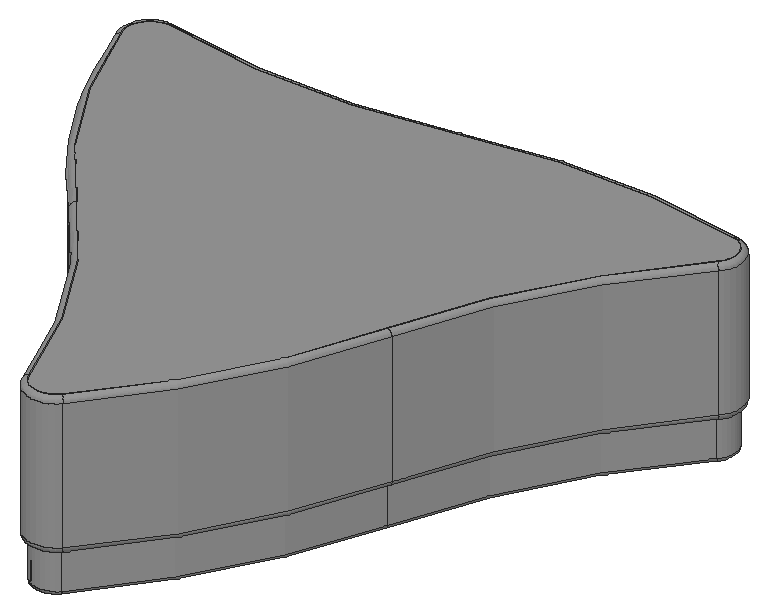
Revit family "16KS Creator Triangle Bench", category Generic Models, Revit 2018
Family settings
  Can host rebar = No
  Round Connector Dimension = Use Diameter
  Part Type = Normal
  Work Plane-Based = No
  Always vertical = Yes
  Cut with Voids When Loaded = No
  Shared = No
  Room Calculation Point = No
Parameters
  Fabric = 16KS Creator Triangle Fabric
Reference planes (in)
  plane 1 "Center (Front/Back)": y = 0
  plane 2: z = 0
  plane 3 "Center (Left/Right)": x = 0
Forms (in)
  Extrusion 1, solid, material "16KS Creator Triangle Fabric" <- "Fabric"
    sketch origin (0, 0, 0) x (1, 0, 0) y (0, 1, 0)
      loop
        arc (-26.93519, 21.12861) -> (-21.79929, 10.19093) -> (-14.46434, 0.58838) r 56.75561
        arc (-14.46434, 0.58838) -> (-6.91694, -9.3253) -> (-1.67558, -20.62895) r 57.65693
        arc (-1.67558, -20.62895) -> (-0.15647, -21.96286) -> (1.75736, -21.31153) r 2.01916
        arc (1.75736, -21.31153) -> (8.81546, -11.23379) -> (13.56125, 0.11765) r 57.34226
        arc (13.56125, 0.11765) -> (18.37432, 11.60951) -> (25.54106, 21.801) r 57.7274
        arc (25.54106, 21.801) -> (25.93625, 23.78382) -> (24.41488, 25.11543) r 2.01947
        arc (24.41488, 25.11543) -> (12.23367, 26.18031) -> (0.10577, 24.62138) r 56.97269
        arc (0.10577, 24.62138) -> (-12.32781, 23.03362) -> (-24.81199, 24.15622) r 57.95815
        arc (-24.81199, 24.15622) -> (-26.86241, 23.33585) -> (-26.93519, 21.12861) r 2.01917
    from 4 to 16.5
  Sweep 2, solid, material "16KS Creator Triangle Fabric" <- "Fabric"
    path origin (0, 0, 0) x (1, 0, 0) y (0, 1, 0)
      loop
        arc (24.41488, 25.11543) -> (12.23367, 26.18031) -> (0.10577, 24.62138) r 56.97269
        arc (0.10577, 24.62138) -> (-12.32781, 23.03362) -> (-24.81199, 24.15622) r 57.95815
        arc (-24.81199, 24.15622) -> (-26.86241, 23.33585) -> (-26.93519, 21.12861) r 2.01917
        arc (-26.93519, 21.12861) -> (-21.79929, 10.19093) -> (-14.46434, 0.58838) r 56.75561
        arc (-14.46434, 0.58838) -> (-6.91694, -9.3253) -> (-1.67558, -20.62895) r 57.65693
        arc (-1.67558, -20.62895) -> (-0.15647, -21.96286) -> (1.75736, -21.31153) r 2.01916
        arc (1.75736, -21.31153) -> (8.81546, -11.23379) -> (13.56125, 0.11765) r 57.34226
        arc (13.56125, 0.11765) -> (18.37432, 11.60951) -> (25.54106, 21.801) r 57.7274
        arc (25.54106, 21.801) -> (25.93625, 23.78382) -> (24.41488, 25.11543) r 2.01947
    profile origin (12.23367, 26.18031, 0) x (0.02032, -0.999794, 0) y (0, 0, 1)
      loop
        line (0, 3.99728) -> (0, 16.5)
        arc (0, 16.5) -> (-0.35451, 16.35316) -> (-0.50136, 15.99864) r 0.50136
        line (-0.50136, 15.99864) -> (-0.50136, 4.49864)
        arc (-0.50136, 4.49864) -> (-0.35451, 4.14413) -> (0, 3.99728) r 0.50136
  Extrusion 3, solid, material "16KS Trim"
    sketch origin (0, 0, 0) x (1, 0, 0) y (0, 1, 0)
      loop
        arc (-24.86271, 23.90345) -> (-26.65895, 23.17687) -> (-26.70079, 21.23969) r 1.76135
        arc (-26.70079, 21.23969) -> (-21.58631, 10.33692) -> (-14.27728, 0.7658) r 56.49779
        arc (-14.27728, 0.7658) -> (-6.69613, -9.19221) -> (-1.43134, -20.54641) r 57.91475
        arc (-1.43134, -20.54641) -> (-0.1062, -21.71) -> (1.56327, -21.14183) r 1.76135
        arc (1.56327, -21.14183) -> (8.58964, -11.1094) -> (13.31409, 0.191) r 57.08445
        arc (13.31409, 0.191) -> (18.14866, 11.73418) -> (25.3474, 21.97119) r 57.98521
        arc (25.3474, 21.97119) -> (25.69214, 23.70088) -> (24.365, 24.86249) r 1.76166
        arc (24.365, 24.86249) -> (12.2389, 25.92255) -> (0.16589, 24.37068) r 56.71488
        arc (0.16589, 24.37068) -> (-12.323, 22.77585) -> (-24.86271, 23.90345) r 58.21596
    from 0.5 to 4
  Sweep 4, solid, material "16KS Trim"
    path origin (0, 0, 0) x (1, 0, 0) y (0, 1, 0)
      loop
        arc (24.365, 24.86249) -> (12.2389, 25.92255) -> (0.16589, 24.37068) r 56.71488
        arc (0.16589, 24.37068) -> (-12.323, 22.77585) -> (-24.86271, 23.90345) r 58.21596
        arc (-24.86271, 23.90345) -> (-26.65895, 23.17687) -> (-26.70079, 21.23969) r 1.76135
        arc (-26.70079, 21.23969) -> (-21.58631, 10.33692) -> (-14.27728, 0.7658) r 56.49779
        arc (-14.27728, 0.7658) -> (-6.69613, -9.19221) -> (-1.43134, -20.54641) r 57.91475
        arc (-1.43134, -20.54641) -> (-0.1062, -21.71) -> (1.56327, -21.14183) r 1.76135
        arc (1.56327, -21.14183) -> (8.58964, -11.1094) -> (13.31409, 0.191) r 57.08445
        arc (13.31409, 0.191) -> (18.14866, 11.73418) -> (25.3474, 21.97119) r 57.98521
        arc (25.3474, 21.97119) -> (25.69214, 23.70088) -> (24.365, 24.86249) r 1.76166
    profile origin (12.2389, 25.92255, 0) x (0.02032, -0.999794, 0) y (0, 0, 1)
      loop
        line (0, 0.5) -> (0, 4) -> (-0.25, 4) -> (-0.25, 0.75)
        arc (-0.25, 0.75) -> (-0.17678, 0.57322) -> (0, 0.5) r 0.25
  Revolve 5, solid, material "16KS Glides"
    sketch origin (-23.81107, -20.00204, 0) x (1, 0, 0) y (0, 0, 1)
      loop
        line (24.04449, 0.5) -> (24.04449, 0) -> (24.16949, 0)
        arc (24.16949, 0) -> (24.34627, 0.07322) -> (24.41949, 0.25) r 0.25
        line (24.41949, 0.25) -> (24.41949, 0.5) -> (24.04449, 0.5)
      axis (24.04449, 0) -> (24.04449, 0.5)
    angle from 0 to 360
  Revolve 6, solid, material "16KS Glides"
    sketch origin (0.00028, 23.14211, 0) x (1, 0, 0) y (0, 0, 1)
      loop
        line (24.04449, 0.5) -> (24.04449, 0) -> (24.16949, 0)
        arc (24.16949, 0) -> (24.34627, 0.07322) -> (24.41949, 0.25) r 0.25
        line (24.41949, 0.25) -> (24.41949, 0.5) -> (24.04449, 0.5)
      axis (24.04449, 0) -> (24.04449, 0.5)
    angle from 0 to 360
  Revolve 7, solid, material "16KS Glides"
    sketch origin (-49.26726, 22.18826, 0) x (1, 0, 0) y (0, 0, 1)
      loop
        line (24.04449, 0.5) -> (24.04449, 0) -> (24.16949, 0)
        arc (24.16949, 0) -> (24.34627, 0.07322) -> (24.41949, 0.25) r 0.25
        line (24.41949, 0.25) -> (24.41949, 0.5) -> (24.04449, 0.5)
      axis (24.04449, 0) -> (24.04449, 0.5)
    angle from 0 to 360
Dimensions and locks (in)
  aligned and locked: plane 2 to level
